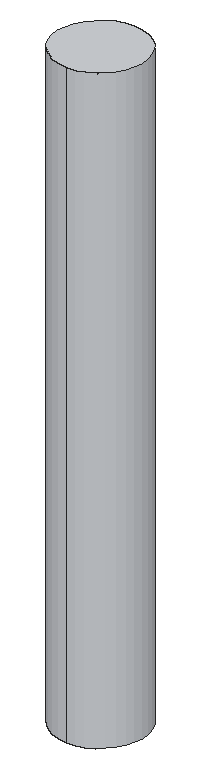
Revit family "DistanzrohrAbschnitt", category HLS-Bauteile, Revit 2018
Family settings
  Bemaßung runder Anschluss = Durchmesser verwenden
  Teiletyp = Normal
  Arbeitsebenenbasiert = Ja
  Immer vertikal = Nein
  Beim Laden mit Abzugskörper schneiden = Nein
  Gemeinsam genutzt = Ja
  Raumberechnungspunkt = Nein
Parameters (values of type "Distanzrohr 1/2" Abschnitt L=150mm")
  vpe = "25"
  Widerstandsmoment Wz = ""
  Widerstandsmoment Wy = ""
  Default Elevation = 1219.2 mm
  Trägheitsradius iz = ""
  Trägheitsradius iy = ""
  Torsionswiderstandsmoment Wt = ""
  Thread = "1/2''"
  Stärke = 0 mm
  Strength class = ""
  Streckgrenze = ""
  Schwerpunktabstand ez = ""
  Schwerpunktabstand eu = ""
  Schwerpunktabstand eo = ""
  Schlitzbreite = ""
  Regelhalter [instance] = ""
  Quantity unit = ""
  Montagelänge [instance] = 150 mm
  Material = "Stahl"
  Länge = 100 mm
  Lochdurchmesser = ""
  Langloch = ""
  Kurztext2 = "Länge 150 mm gvz"
  Kurztext1 = "Distanzrohr 1/2\""
  Höhe = ""
  Gewicht pro Stück [instance] = (Gewicht * Montagelänge / (1000 mm * 1000)) * 1000  # 0.0252 kg
  Gewicht pro Bauteil [instance] = Gewicht pro Stück  # 0.0252 kg
  Gewicht = 0.168 kg
  Fläche (schwächster Profilquerschnitt) = 0.00 m²
  Fabrikat = "MEFA"
  Erweiterung Langloch = ""
  EAN = ""
  D = 21 mm
  Bund = ""
  Breite = 0 mm
  Artikelnummer = "07070150"
  Abmessung = ""
Types (2, lengths in mm): name | vpe | Montagelänge | Kurztext2 | Gewicht pro Stück | Gewicht pro Bauteil | Gewicht | Artikelnummer
  Distanzrohr 1/2" Abschnitt L=100mm | "10" | 100 | "Länge 100 mm gvz" | 0.0112 kg | 0.0112 kg | 0.112 kg | "07070100"
  Distanzrohr 1/2" Abschnitt L=150mm | "25" | 150 | "Länge 150 mm gvz" | 0.0252 kg | 0.0252 kg | 0.168 kg | "07070150"
Reference planes
  plane 1 "Mitte (Vorne/hinten)": y = 0
  plane 2: z = 0
  plane 3 "Mitte (Links/rechts)": x = 0
  plane 4: z = 150
  plane 5: z = 0
Forms (mm)
  Extrusion 1, solid
    sketch origin (-41.08, -101.382, 240) x (0, 1, 0) y (-1, 0, 0)
      loop
        circle (101.286, -41.08) r 10.5
    from -240 to -90
Lines and regions (mm)
  model lines, not visible
    curve 1: line (9.299, 0, 150) -> (-10.701, 0, 150)
    curve 2: line (0, 15.717, 150) -> (0, -4.283, 150)
    curve 3: line (0, 10.717, 0) -> (0, -9.283, 0)
    curve 4: line (6.799, 0, 0) -> (-13.201, 0, 0)
    curve 5: line (0, 0, 217.337) -> (0, 0, -112.663)
Dimensions and locks
  "Montagelänge": plane 5 to plane 4
  "D": diameter of Extrusion 1 sketch curve
  aligned and locked: level to plane 2
  aligned and locked: curve 5 to Extrusion 1
  aligned and locked: Extrusion 1 to plane 5
  aligned and locked: plane 4 to Extrusion 1
  aligned and locked: level to plane 5
Automatic sketch dimensions
  curve 3 to level = 0 mm
  curve 2 to plane 4 = 0 mm
  plane 1 "Mitte (Vorne/hinten)" to curve 3 = 9.283 mm
  plane 1 "Mitte (Vorne/hinten)" to curve 2 = 4.283 mm
  curve 3 to plane 1 "Mitte (Vorne/hinten)" = 10.717 mm
  curve 2 to plane 1 "Mitte (Vorne/hinten)" = 15.717 mm
  curve 4 to level = 0 mm
  curve 1 to plane 4 = 0 mm
  curve 1 to plane 3 "Mitte (Links/rechts)" = 10.701 mm
  curve 4 to plane 3 "Mitte (Links/rechts)" = 13.201 mm
  plane 3 "Mitte (Links/rechts)" to curve 4 = 6.799 mm
  plane 3 "Mitte (Links/rechts)" to curve 1 = 9.299 mm
  curve 5 to level = 112.663 mm
  plane 4 to curve 5 = 67.337 mm
  Extrusion 1 sketch curve to plane 3 "Mitte (Links/rechts)" = 0 mm
  plane 1 "Mitte (Vorne/hinten)" to Extrusion 1 sketch curve = 0.096 mm
